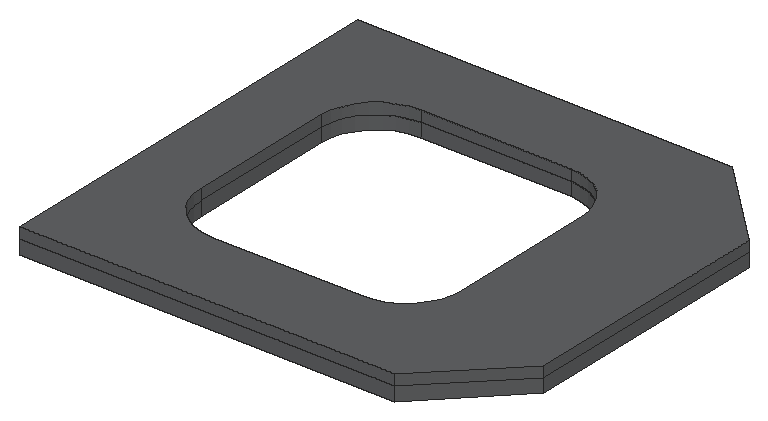
Revit family "Abdeckplatte für Universalträger UT3, runde Einbauöffnung für EKR-Gerät", category Generic Models, Revit 2015
Parameters (values of type "UT3 D1")
  Width = 76 mm
  URL = "http://www.obo-bettermann.com"
  Material = OBO PA
  Manufacturer Art.No. = "7408781"
  Manufacturer = "OBO Bettermann"
  Length = 82.5 mm
  Height 1 = 2 mm
  Height = 4.5 mm
  GTIN = "4012196435371"
  Article Type = "UT3 D1"
Reference planes
  plane 1 "Center (Front/Back)": y = 0
  plane 2: z = 0
  plane 3 "Center (Left/Right)": x = 0
  plane 4: z = -2
  plane 5: z = -4.5
Forms (mm)
  Extrusion 1, solid, material "OBO PA" <- "Material"
    sketch origin (0, 0, 0) x (1, 0, 0) y (0, 1, 0)
      loop
        line (-41.25, 38) -> (-41.25, -38) -> (26.25, -38) -> (41.25, -23) -> (41.25, 23) -> (26.25, 38) -> (-41.25, 38)
    from 0 to -2
  Extrusion 2, solid, material "OBO PA" <- "Material"
    sketch origin (0, 0, 0) x (1, 0, 0) y (0, 1, 0)
      loop
        line (26.25, 38) -> (-41.25, 38) -> (-41.25, -38) -> (26.25, -38) -> (41.25, -23) -> (41.25, 23) -> (26.25, 38)
      loop
        line (-39.25, 36) -> (-39.25, -36) -> (25.422, -36) -> (39.25, -22.172) -> (39.25, 22.172) -> (25.422, 36) -> (-39.25, 36)
    from -2 to -4.5
  Extrusion 3, void
    sketch origin (0, 0, 0) x (1, 0, 0) y (0, 1, 0)
      loop
        arc (-18.25, 23.5) -> (-25.321, 20.571) -> (-28.25, 13.5) r 10
        line (-28.25, 13.5) -> (-28.25, -13.5)
        arc (-28.25, -13.5) -> (-25.321, -20.571) -> (-18.25, -23.5) r 10
        line (-18.25, -23.5) -> (8.75, -23.5)
        arc (8.75, -23.5) -> (15.821, -20.571) -> (18.75, -13.5) r 10
        line (18.75, -13.5) -> (18.75, 13.5)
        arc (18.75, 13.5) -> (15.821, 20.571) -> (8.75, 23.5) r 10
        line (8.75, 23.5) -> (-18.25, 23.5)
    from 0 to -2
  Extrusion 4, solid, material "OBO PA" <- "Material"
    sketch origin (0, 0, 0) x (1, 0, 0) y (0, 1, 0)
      loop
        arc (-18.25, 23.5) -> (-25.321, 20.571) -> (-28.25, 13.5) r 10
        line (-28.25, 13.5) -> (-28.25, -13.5)
        arc (-28.25, -13.5) -> (-25.321, -20.571) -> (-18.25, -23.5) r 10
        line (-18.25, -23.5) -> (8.75, -23.5)
        arc (8.75, -23.5) -> (15.821, -20.571) -> (18.75, -13.5) r 10
        line (18.75, -13.5) -> (18.75, 13.5)
        arc (18.75, 13.5) -> (15.821, 20.571) -> (8.75, 23.5) r 10
        line (8.75, 23.5) -> (-18.25, 23.5)
      loop
        arc (-18.25, 25) -> (-26.382, 21.632) -> (-29.75, 13.5) r 11.5
        line (-29.75, 13.5) -> (-29.75, -13.5)
        arc (-29.75, -13.5) -> (-26.382, -21.632) -> (-18.25, -25) r 11.5
        line (-18.25, -25) -> (8.75, -25)
        arc (8.75, -25) -> (16.882, -21.632) -> (20.25, -13.5) r 11.5
        line (20.25, -13.5) -> (20.25, 13.5)
        arc (20.25, 13.5) -> (16.882, 21.632) -> (8.75, 25) r 11.5
        line (8.75, 25) -> (-18.25, 25)
    from -2 to -4.5
Cuts and joins
  Extrusion 3 cuts Extrusion 1
Dimensions and locks
  "Height 1": level to plane 4
  "Height": level to plane 5
  locked: Extrusion 1 sketch curve to Extrusion 1 sketch curve at 15  (x2)
  "Width": Extrusion 1 sketch curve to Extrusion 1 sketch curve
  "Length": Extrusion 1 sketch curve to Extrusion 1 sketch curve
  equal spacing: Extrusion 1 sketch curve, plane 1 "Center (Front/Back)", Extrusion 1 sketch curve, locked at 38 each
  locked: plane 3 "Center (Left/Right)" to Extrusion 1 sketch curve at 41.25
  locked: Extrusion 3 sketch curve to Extrusion 3 sketch curve at 47  (x2)
  equal spacing: Extrusion 3 sketch curve, plane 1 "Center (Front/Back)", Extrusion 3 sketch curve, locked at 23.5 each
  locked: Extrusion 3 sketch curve to cut or joined group of Extrusion 1, Extrusion 3 at 22.5
  Extrusion 4 to plane 3 "Center (Left/Right)" = 28.25 mm
  aligned and locked: level to plane 2
  aligned and locked: Extrusion 1 to level
  aligned and locked: plane 4 to Extrusion 1
  aligned and locked: Extrusion 2 sketch curve to Extrusion 1  (x6)
  aligned and locked: Extrusion 1 to Extrusion 2
  aligned and locked: Extrusion 2 to plane 5
  aligned and locked: Extrusion 3 to level
  aligned and locked: Extrusion 1 to Extrusion 3
  aligned and locked: Extrusion 4 sketch curve to cut or joined group of Extrusion 1, Extrusion 3  (x4)
  aligned and locked: Extrusion 4 to plane 4
  aligned and locked: Extrusion 4 to plane 5
Automatic sketch dimensions
  Extrusion 1 sketch curve to Extrusion 1 sketch curve = 15 mm  (x2)
  Extrusion 2 sketch curve to Extrusion 2 sketch curve = 2 mm  (x4)
  Extrusion 2 sketch curve to Extrusion 2 sketch curve = 0.828 mm  (x4)
  Extrusion 3 sketch curve to Extrusion 3 sketch curve = 10 mm  (x2)
  plane 3 "Center (Left/Right)" to Extrusion 3 sketch curve = 8.75 mm  (x2)
  Extrusion 4 sketch curve to Extrusion 4 sketch curve = 0 mm  (x7)
  Extrusion 4 sketch curve to Extrusion 4 sketch curve = 1.5 mm
